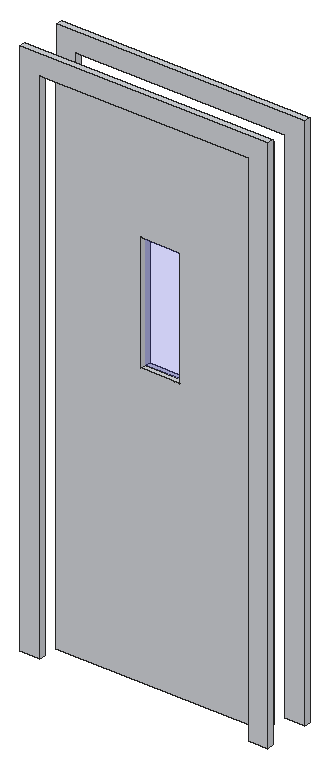
Revit family "ARCH_Door_SingleFlush_VisionPanel", category Doors, host Wall, Revit 2026
Family settings
  Host = Wall
  Always vertical = Yes
  Cut with Voids When Loaded = Yes
  Shared = No
  Room Calculation Point = No
Parameters (values of type "D800x2000_VP150x450_High")
  VP_Z_Offset = if(VP_On, 0 mm, PanelThickness * 2)  # 0 mm
  VP_Width = 150 mm
  VP_VoidThickness = PanelThickness + 10 mm  # 50 mm
  VP_On = yes
  VP_Offset = 0 mm
  VP_Height = 450 mm
  VP_Center_Offset = 1300 mm
  PanelThickness = 40 mm
  Mat_Glass = Glass
  Glass_Thickness = 5.501 mm
  Function = Interior
  FrameAllowance = 15 mm
  Frame Projection Ext. = 25 mm
  Frame Projection Int. = 25 mm
  Frame Width = 75 mm
  Height = 2000 mm
  Wall Closure = By host
  Width = 800 mm
  Fire Rating = ""
  FacingFlipped [instance] = yes
  ClearOpening [instance] = Width - 2 * FrameAllowance  # 770 mm
  CO_Report [instance] = 800 mm
Types (5, lengths in mm): name | VP_Z_Offset | VP_Width | VP_On | VP_Offset | VP_Height | VP_Center_Offset | Mat_Glass | Height | Width | Fire Rating | ClearOpening | CO_Report
  (no name) | 0 | 150 | yes | 0 | 450 | 1300 | Glass | 2000 | 800 | "" | 770 | 800
  D800x2100_VP200x600 | 0 | 200 | yes | 0 | 600 | 900 | Glass | 2100 | 800 | "EI30" | 770 | 800
  D900x2100_VP0 | 80 | 200 | no | 0 | 600 | 900 | none | 2100 | 900 | "" | 870 | 900
  D900x2100_VP250x600_O50 | 0 | 250 | yes | 50 | 600 | 900 | Glass | 2100 | 900 | "EI30" | 870 | 900
  D800x2000_VP150x450_High | 0 | 150 | yes | 0 | 450 | 1300 | Glass | 2000 | 800 | "" | 770 | 800
Reference planes
  plane 1 "Center (Front/Back)": y = 0
  plane 2 "Center (Left/Right)": x = 0
  plane 3 "Leaf Left": x = -400
  plane 4 "Leaf Right": x = 400
  plane 5 "Top": z = 2000
  plane 6 "Exterior": y = 75
  plane 7 "Interior": y = -75
  plane 8 "Hinge": x = -400
  plane 9 "VP Left": x = -75
  plane 10 "VP Right": x = 75
  plane 11 "VP Bottom": z = 1075
  plane 12 "VP Top": z = 1525
  plane 13 "VP Center": x = 0
  plane 14 "VP_Z": y = 0
  plane 15 "Open90": x = -400
  plane 16 "VP_Center_V": z = 1300
Forms (mm)
  Extrusion 1, solid
    sketch origin (-3050, -75, 0) x (1, 0, 0) y (0, 0, 1)
      loop
        line (2575, 0) -> (2650, 0) -> (2650, 2000) -> (3450, 2000) -> (3450, 0) -> (3525, 0) -> (3525, 2075) -> (2575, 2075) -> (2575, 0)
    from 0 to 25
  Extrusion 2, solid
    sketch origin (-3050, 75, 0) x (-1, 0, 0) y (0, 0, 1)
      loop
        line (-2650, 0) -> (-2575, 0) -> (-2575, 2075) -> (-3525, 2075) -> (-3525, 0) -> (-3450, 0) -> (-3450, 2000) -> (-2650, 2000) -> (-2650, 0)
    from 0 to 25
  Extrusion 3, solid, detail levels medium+fine
    sketch origin (0, -75, 0) x (1, 0, 0) y (0, 0, 1)
      loop
        line (-400, 2000) -> (-400, 0) -> (400, 0) -> (400, 2000) -> (-400, 2000)
    from -95 to -55
  Extrusion 4, void
    sketch origin (0, -75, 0) x (1, 0, 0) y (0, 0, 1)
      loop
        line (-75, 1525) -> (-75, 1075) -> (75, 1075) -> (75, 1525) -> (-75, 1525)
    from -50 to -100
  Extrusion 5, solid, material "Glass" <- "Mat_Glass", detail levels fine
    sketch origin (0, -75, 0) x (1, 0, 0) y (0, 0, 1)
      loop
        line (-75, 1525) -> (-75, 1075) -> (75, 1075) -> (75, 1525) -> (-75, 1525)
    from -77.75 to -72.25
Cuts and joins
  Extrusion 4 cuts Extrusion 3
Lines and regions (mm)
  Opening 1
    outline origin (-3050, -75, 0) x (1, 0, 0) y (0, 0, 1)
      loop
        line (2650, 0) -> (3450, 0) -> (3450, 2000) -> (2650, 2000) -> (2650, 0)
  symbolic lines, style "Elevation Swing"
    curve 1: line (400, -75, 1000) -> (-400, -75, 2000)
    curve 2: line (400, -75, 1000) -> (-400, -75, 0)
  symbolic lines, style "SwingSymbolic", detail levels coarse
    curve 3: line (-400, 0, 0) -> (-400, -800, 0)
    curve 4: arc (400, 0, 0) -> (165.685, -565.685, 0) -> (-400, -800, 0) r 800
Text (mm)
  text "Exterior" at (-1049.667, 1099.543, 0), in view "Ref. Level"
  text "Exterior" at (0, 1346.17, 2439.341), in view "Left"
  text "Exterior" at (0, 1036.032, 3874.932), in view "Right"
Dimensions and locks
  equal spacing: plane 3 "Leaf Left", plane 2 "Center (Left/Right)", plane 4 "Leaf Right"
  "Width": plane 3 "Leaf Left" to plane 4 "Leaf Right"
  "Height": plane 5 "Top" to host wall
  equal spacing: host wall, curve 2, plane 5 "Top"
  host wall to plane 5 "Top" = 2000 mm
  "Frame Projection Ext.": Extrusion 2 to Extrusion 2
  "Frame Projection Int.": Extrusion 1 to Extrusion 1
  "Frame Width": plane 3 "Leaf Left" to Extrusion 1 sketch curve
  "Frame Width": plane 4 "Leaf Right" to Extrusion 1 sketch curve
  "Frame Width": Extrusion 1 sketch curve to plane 5 "Top"
  "Frame Width": plane 4 "Leaf Right" to Extrusion 2 sketch curve
  "Frame Width": plane 3 "Leaf Left" to Extrusion 2 sketch curve
  "Frame Width": plane 5 "Top" to Extrusion 2 sketch curve
  locked: plane 6 "Exterior" to host wall
  locked: plane 7 "Interior" to host wall
  "PanelThickness": Extrusion 3 to Extrusion 3
  equal spacing: Extrusion 3, plane 1 "Center (Front/Back)", Extrusion 3
  "VP_Height": plane 12 "VP Top" to plane 11 "VP Bottom"
  equal spacing: Extrusion 4, plane 14 "VP_Z", Extrusion 4
  "VP_Z_Offset": plane 1 "Center (Front/Back)" to plane 14 "VP_Z"
  "VP_VoidThickness": Extrusion 4 to Extrusion 4
  equal spacing: Extrusion 5, plane 1 "Center (Front/Back)", Extrusion 5
  "Glass_Thickness": Extrusion 5 to Extrusion 5
  "VP_Width": plane 9 "VP Left" to plane 10 "VP Right"
  equal spacing: plane 9 "VP Left", plane 13 "VP Center", plane 10 "VP Right"
  "VP_Offset": plane 13 "VP Center" to plane 2 "Center (Left/Right)"
  "Width": host wall to host wall
  equal spacing: plane 12 "VP Top", plane 16 "VP_Center_V", plane 11 "VP Bottom"
  "VP_Center_Offset": plane 16 "VP_Center_V" to level
  plane 10 "VP Right" to plane 9 "VP Left" = 150 mm
  aligned and locked: plane 3 "Leaf Left" to Opening 1 sketch curve
  aligned and locked: plane 5 "Top" to Opening 1 sketch curve  (x2)
  aligned and locked: Opening 1 sketch curve to plane 4 "Leaf Right"
  aligned and locked: Opening 1 sketch curve to level
  aligned and locked: level to Extrusion 1 sketch curve
  aligned and locked: plane 5 "Top" to Extrusion 1 sketch curve  (x2)
  aligned and locked: Extrusion 1 sketch curve to plane 4 "Leaf Right"
  aligned and locked: plane 3 "Leaf Left" to Extrusion 1 sketch curve
  aligned and locked: plane 3 "Leaf Left" to Extrusion 2 sketch curve
  aligned and locked: plane 5 "Top" to Extrusion 2 sketch curve  (x2)
  aligned and locked: level to Extrusion 2 sketch curve
  aligned and locked: plane 5 "Top" to curve 1
  aligned and locked: plane 3 "Leaf Left" to curve 2
  aligned and locked: plane 1 "Center (Front/Back)" to host wall
  aligned and locked: plane 3 "Leaf Left" to curve 1
  aligned and locked: plane 8 "Hinge" to plane 3 "Leaf Left"
  aligned and locked: Extrusion 3 sketch curve to plane 3 "Leaf Left"
  aligned and locked: plane 5 "Top" to Extrusion 3 sketch curve
  aligned and locked: plane 4 "Leaf Right" to Extrusion 3 sketch curve
  aligned and locked: level to Extrusion 3 sketch curve
  aligned and locked: plane 11 "VP Bottom" to Extrusion 4 sketch curve
  aligned and locked: plane 10 "VP Right" to Extrusion 5 sketch curve
  aligned and locked: Extrusion 5 sketch curve to plane 12 "VP Top"
  aligned and locked: plane 9 "VP Left" to Extrusion 5 sketch curve
  aligned and locked: plane 11 "VP Bottom" to Extrusion 5 sketch curve
  aligned and locked: plane 14 "VP_Z" to curve 4
  aligned and locked: plane 15 "Open90" to curve 4
  aligned and locked: plane 15 "Open90" to plane 3 "Leaf Left"
  aligned and locked: Extrusion 4 sketch curve to plane 12 "VP Top"
  aligned and locked: plane 9 "VP Left" to Extrusion 4 sketch curve
  aligned and locked: plane 10 "VP Right" to Extrusion 4 sketch curve
Automatic sketch dimensions
  Extrusion 2 sketch curve to plane 4 "Leaf Right" = 0 mm
  Extrusion 1 sketch curve to level = 0 mm
  Extrusion 2 sketch curve to level = 0 mm
  plane 4 "Leaf Right" to curve 2 = 0 mm
  curve 2 to level = 0 mm
  curve 4 to plane 4 "Leaf Right" = 0 mm
  host wall to curve 3 = 0 mm
